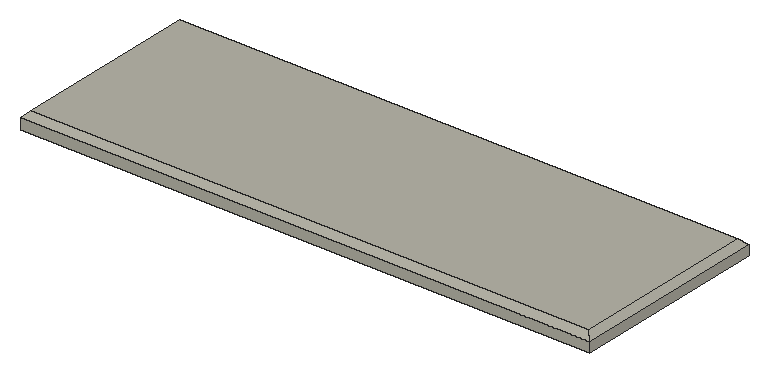
Revit family "Countertop_Island-noSink", category Casework, Revit 2026
Family settings
  Classification Number = 23.40.70.17.21.11
  Work Plane-Based = No
  Always vertical = Yes
  Cut with Voids When Loaded = No
  Shared = No
  Room Calculation Point = No
Parameters (values of type "Counter_Only")
  Width = 6' - 0"
  Warranty Duration (Years) = 15
  Test Data = ""
  Surface Thickness = 0' - 2"
  Surface Area = Width * Island Depth  # 12.50 SF
  Sqft Cost = 71
  Specification = "http://www.arcat.com/divs/sec/sec06415.shtml"
  Sink from Left Side [instance] = 2' - 8"
  Sink from Back Edge [instance] = 0' - 4"
  Sales Information = ""
  Product Properties = "http://www.arcat.com/bim/bim_info.pl?fn=Countertop_Island-noSink"
  Product Data = "http://www.arcat.com/divs/sec/sec06415.shtml"
  Model = "Generic"  # constant formula
  Manufacturer Website = "http://www.arcat.com/"
  Manufacturer Phone - Toll Free = ""
  Manufacturer Phone = "(203) 929-9444"  # constant formula
  Manufacturer Fax = "(203) 939-2444"  # constant formula
  Manufacturer Email = "bim@arcat.com"  # constant formula
  Manufacturer Address = "1077 Bridgeport Ave, Shelton, CT  06484"  # constant formula
  Manufacturer = "Generic"  # constant formula
  Maintenance Schedule (Months) = 12
  Keynote = "06415"
  Installation_Fabricaton = ""
  Installation Phase = ""
  Finish Surface Height [instance] = 3' - 0"
  Green Building-LEED = "http://www.arcat.com/green/green_building.shtml"
  Expected Lifespan (Years) = 30
  Edge Type = Bevel : 1/2"
  Edge Length = Width * 2 + Island Depth * 2  # 16' - 2"
  Edge Cost_per Inch = 1
  Drawn By = "Robert S. Weygant. CSI, CDT, SCIP"  # constant formula
  Description = "Island Countertop"  # constant formula
  Sink Cut-Out Width [instance] = 1' - 6"
  Sink Cut-Out Depth [instance] = 1' - 4"
  Island Depth = 2' - 1"
  Default Elevation = 0' - 0"
  Countertop Material = Counter Material - Granite
  Countertop Color = Counter Finish - Custom Color
  Cost = (Sqft Cost * Surface Area / 1.00 SF) + (Edge Cost_per Inch * Edge Length / 0' 1")  # 1081.5
  Copyright = "2008, ARCAT, Inc."  # constant formula
  Construction Details = "http://www.arcat.com/divs/sec/sec06415.shtml"
  Building Codes = ""
  Assembly Code = "C1030400"
Reference planes (in)
  plane 1 "Center (Front/Back)": y = -35.5
  plane 2: z = 0
  plane 3 "Center (Left/Right)": x = 0
  plane 4: x = -36
  plane 5: x = 36
  plane 6: y = -48
  plane 7: y = -23
  plane 8 "Surface Height": z = 36
  plane 9: y = 0
  plane 10: x = -36
  plane 11: z = 34
Forms (in)
  Extrusion 1, solid, material "Counter Finish - Custom Color" <- "Countertop Color"
    sketch origin (0, 0, 0) x (1, 0, 0) y (0, 1, 0)
      loop
        line (-36, -23) -> (-36, -48) -> (36, -48) -> (36, -23) -> (-36, -23)
    from 34 to 36
  Extrusion 2, solid, not visible
    sketch origin (-23.60937, 0, 29) x (1, 0, 0) y (0, 1, 0)
      loop
        arc (-6.25, 8) -> (-7.48744, 7.48744) -> (-8, 6.25) r 1.75
        line (-8, 6.25) -> (-8, -6.25)
        arc (-8, -6.25) -> (-7.48744, -7.48744) -> (-6.25, -8) r 1.75
        line (-6.25, -8) -> (6.25, -8)
        arc (6.25, -8) -> (7.48744, -7.48744) -> (8, -6.25) r 1.75
        line (8, -6.25) -> (8, 6.25)
        arc (8, 6.25) -> (7.48744, 7.48744) -> (6.25, 8) r 1.75
        line (6.25, 8) -> (-6.25, 8)
      loop
        arc (-6.25, 7.5) -> (-7.13388, 7.13388) -> (-7.5, 6.25) r 1.25
        line (-7.5, 6.25) -> (-7.5, -6.25)
        arc (-7.5, -6.25) -> (-7.13388, -7.13388) -> (-6.25, -7.5) r 1.25
        line (-6.25, -7.5) -> (6.25, -7.5)
        arc (6.25, -7.5) -> (7.13388, -7.13388) -> (7.5, -6.25) r 1.25
        line (7.5, -6.25) -> (7.5, 6.25)
        arc (7.5, 6.25) -> (7.13388, 7.13388) -> (6.25, 7.5) r 1.25
        line (6.25, 7.5) -> (-6.25, 7.5)
    from 0 to 7
  Extrusion 3, solid, not visible
    sketch origin (-23.60937, 0, 36) x (1, 0, 0) y (0, 1, 0)
      loop
        arc (-9.5, 10) -> (-9.85355, 9.85355) -> (-10, 9.5) r 0.5
        line (-10, 9.5) -> (-10, -9.5)
        arc (-10, -9.5) -> (-9.85355, -9.85355) -> (-9.5, -10) r 0.5
        line (-9.5, -10) -> (9.5, -10)
        arc (9.5, -10) -> (9.85355, -9.85355) -> (10, -9.5) r 0.5
        line (10, -9.5) -> (10, 9.5)
        arc (10, 9.5) -> (9.85355, 9.85355) -> (9.5, 10) r 0.5
        line (9.5, 10) -> (-9.5, 10)
      loop
        line (-7.5, 6.25) -> (-7.5, -6.25)
        arc (-7.5, -6.25) -> (-7.13388, -7.13388) -> (-6.25, -7.5) r 1.25
        line (-6.25, -7.5) -> (6.25, -7.5)
        arc (6.25, -7.5) -> (7.13388, -7.13388) -> (7.5, -6.25) r 1.25
        line (7.5, -6.25) -> (7.5, 6.25)
        arc (7.5, 6.25) -> (7.13388, 7.13388) -> (6.25, 7.5) r 1.25
        line (6.25, 7.5) -> (-6.25, 7.5)
        arc (-6.25, 7.5) -> (-7.13388, 7.13388) -> (-7.5, 6.25) r 1.25
    from 0 to 0.25
  Sweep 4, void
    path in 3D
      loop
        line (-36, -48, 36) -> (36, -48, 36) -> (36, -23, 36) -> (-36, -23, 36) -> (-36, -48, 36)
    profile "Bevel : 3/4"" origin (-36, -35.5, 36) x (1, 0, 0) y (0, 0, 1)
      loop
        line (0, -0.75) -> (0.75, 0) -> (0, 0) -> (0, -0.75)
Cuts and joins
  Sweep 4 cuts Extrusion 1
Lines and regions (in)
  sketch lines
    curve 1: line (-36, -23, 36) -> (-36, -48, 36)
    curve 2: line (-36, -48, 36) -> (36, -48, 36)
    curve 3: line (36, -48, 36) -> (36, -23, 36)
    curve 4: line (36, -23, 36) -> (-36, -23, 36)
Dimensions and locks (in)
  "Width": plane 4 to plane 5
  "Island Depth": plane 7 to plane 6
  equal spacing: plane 7, plane 1 "Center (Front/Back)", plane 6
  "Island Depth": plane 7 to Extrusion 1
  "Finish Surface Height": plane 8 "Surface Height" to level
  "Surface Thickness": plane 8 "Surface Height" to plane 11
  aligned and locked: plane 8 "Surface Height" to Extrusion 1
Automatic sketch dimensions
  Extrusion 2 sketch curve to Extrusion 2 sketch curve = 0' - 0"  (x15)
  Extrusion 2 sketch curve to Extrusion 2 sketch curve = 0' - 0 1/2"
  Extrusion 2 sketch curve to Extrusion 2 sketch curve = 0' - 1 1/4"  (x3)
  Extrusion 2 sketch curve to Extrusion 2 sketch curve = 1' - 0 1/2"  (x3)
  Extrusion 3 sketch curve to Extrusion 3 sketch curve = 0' - 0 1/2"  (x3)
  Extrusion 3 sketch curve to Extrusion 3 sketch curve = 0' - 2"
  Extrusion 3 sketch curve to Extrusion 3 sketch curve = 0' - 1 1/4"  (x3)
  Extrusion 3 sketch curve to Extrusion 3 sketch curve = 1' - 0 1/2"  (x3)
  Extrusion 3 sketch curve to Extrusion 3 sketch curve = 0' - 3 1/4"  (x4)
  Extrusion 1 sketch curve to plane 5 = 0' - 0"
  Extrusion 1 sketch curve to plane 7 = 0' - 0"
  Extrusion 1 sketch curve to plane 4 = 0' - 0"
  Extrusion 1 sketch curve to plane 6 = 0' - 0"
